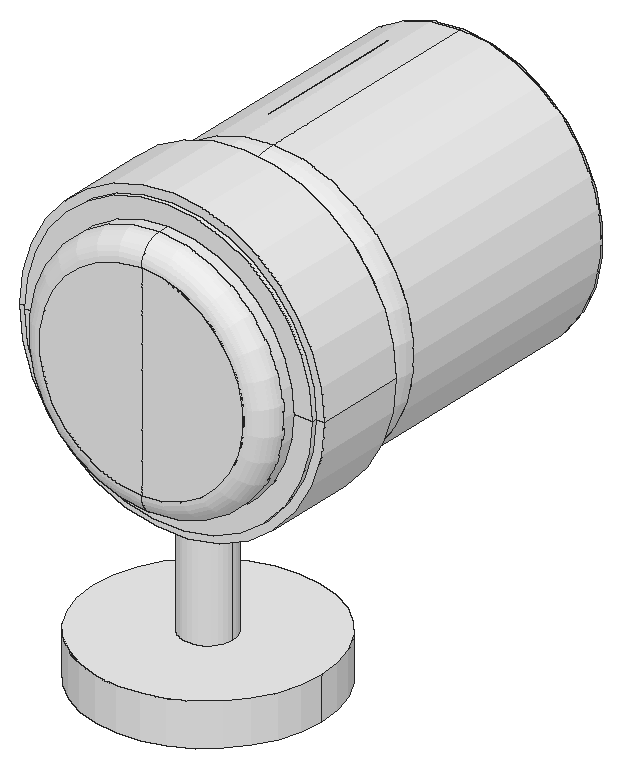
Revit family "Glass_Holder-Grohe-Essentials-40447001", category Specialty Equipment, host Face, Revit 2014
Parameters (values of type "40447001")
  Width = 2 1/8"  # constant formula
  URL = "https://www.grohe.us"
  Type Comments = ""
  Product Page URL = "https://www.grohe.us/en_us/essentials-crystal-glass-with-holder-40447001.html"
  Price = "Prices may vary. Please consult Manufacturer Representative for most up-to-date price list."  # constant formula
  Model = "40447001"
  Material = "Metal-Grohe-001-Chrome"
  Manufacturer = "Grohe"  # constant formula
  Length = 4 11/64"  # constant formula
  Installation Type = "Wall Mounted"  # constant formula
  Height = 3 115/128"  # constant formula
  Finish = Metal-Grohe-001-Chrome
  Description = "Essentials Crystal glass with holder"  # constant formula
  Default Elevation = 43"  # constant formula
  Creation Date = "08/07/2017"  # constant formula
  Assembly Code = "C1030200"
Types (2): name | Product Page URL | Model | Material | Finish
  40447001 | "https://www.grohe.us/en_us/essentials-crystal-glass-with-holder-40447001.html" | "40447001" | "Metal-Grohe-001-Chrome" | Metal-Grohe-001-Chrome
  40447EN1 | "https://www.grohe.us/en_us/essentials-crystal-glass-with-holder-40447EN1.html" | "40447EN1" | "Metal-Grohe-EN1-Brushed Nickel" | Metal-Grohe-EN1-Brushed Nickel
Reference planes (in)
  plane 1 "Center (Front/Back)": y = 0
  plane 2: z = 0
  plane 3 "Center (Left/Right)": x = 0
  plane 4: y = 1.14162
  plane 5: y = -0.55114
  plane 6: y = 0.55118
  plane 7: y = -0.55118
  plane 8: y = 0.70083
  plane 9: y = -0.70083
  plane 10: y = 3.45083
  plane 11: y = -0.7717
  plane 12: y = 2.96846
  plane 13: y = -8.70119
  plane 14: y = -9.4072
  plane 15: y = -9.0542
  plane 16: z = 17.28346
Forms (in)
  Revolve 1, solid, material "Metal-Grohe-001-Chrome" <- "Finish", not visible
    sketch origin (0, 0, 0) x (1, 0, 0) y (0, 0, 1)
      loop
        line (-0.23622, 0.3937) -> (0, 0.3937) -> (0, 1.5) -> (-0.23622, 1.5) -> (-0.23622, 0.3937)
      axis (0, 1.5) -> (0, 0.3937)
    angle from 0 to 360
  Revolve 2, solid, material "Metal-Grohe-001-Chrome" <- "Finish"
    sketch origin (0, 0, 2.79528) x (1, 0, 0) y (0, 1, 0)
      loop
        line (1.41732, -0.41339) -> (1.41732, 0.41535) -> (1.33858, 0.41535) -> (1.33858, 0.45276) -> (0, 0.45276) -> (0, -0.45276) -> (1.33858, -0.45276) -> (1.33858, -0.41339) -> (1.41732, -0.41339)
      axis (0, 0.45276) -> (0, -0.45276)
    angle from 0 to 360
  Revolve 3, solid, material "Metal-Grohe-001-Chrome" <- "Finish"
    sketch origin (0, 0, 0) x (1, 0, 0) y (0, 0, 1)
      loop
        line (-0.23622, 0.3937) -> (0, 0.3937) -> (0, 1.5) -> (-0.23622, 1.5) -> (-0.23622, 0.3937)
      axis (0, 1.5) -> (0, 0.3937)
    angle from 0 to 360
  Revolve 4, solid, material "Metal-Grohe-001-Chrome"
    sketch origin (0, 0, 0.02977) x (0, 1, 0) y (0, 0, 1)
      loop
        arc (2.9455, 1.45917) -> (2.96173, 1.46589) -> (2.96846, 1.48213) r 0.02296
        line (2.96846, 1.48213) -> (2.96846, 1.57959) -> (0.72778, 1.57959)
        arc (0.72778, 1.57959) -> (0.68299, 1.58431) -> (0.64016, 1.59824) r 0.21525
        line (0.64016, 1.59824) -> (0.32621, 1.73815) -> (-0.52326, 1.73815)
        arc (-0.52326, 1.73815) -> (-0.63062, 1.78262) -> (-0.67508, 1.88998) r 0.15182
        line (-0.67508, 1.88998) -> (-0.67508, 2.76551) -> (-0.7717, 2.76551) -> (-0.7717, 1.81736)
        arc (-0.7717, 1.81736) -> (-0.71003, 1.66848) -> (-0.56114, 1.60681) r 0.21056
        line (-0.56114, 1.60681) -> (0.32621, 1.60681) -> (0.56032, 1.50247)
        arc (0.56032, 1.50247) -> (0.65981, 1.47011) -> (0.76386, 1.45917) r 0.5
        line (0.76386, 1.45917) -> (2.9455, 1.45917)
      axis (2.96846, 2.76551) -> (-0.7717, 2.76551)
    angle from 0 to 360
  Extrusion 5, solid, material "Metal-Grohe-001-Chrome" <- "Finish"
    sketch origin (0, 0, 0) x (1, 0, 0) y (0, 1, 0)
      loop
        circle (0, 0) r 1.0625
    from 0 to 0.3937
Cuts and joins
  joined: Revolve 2, Revolve 3, Extrusion 5
Lines and regions (in)
  Masking region 1
    outline origin (0, 0, 0) x (1, 0, 0) y (0, 0, 1)
      loop
        arc (0.23622, 1.38787) -> (0, 4.22236) -> (-0.23622, 1.38787) r 1.42709
        line (-0.23622, 1.38787) -> (-0.23622, 0.3937) -> (-1.0625, 0.3937) -> (-1.0625, 0) -> (1.0625, 0) -> (1.0625, 0.3937) -> (0.23622, 0.3937) -> (0.23622, 1.38787)
  symbolic lines, detail levels medium+fine
    curve 1: circle (0, 0, 2.79528) r 1.33858 normal (0, -1, 0)
    curve 2: circle (0, 0, 2.79528) r 1.18591 normal (0, -1, 0)
    curve 3: line (0.23622, 0, 0.3937) -> (-0.23622, 0, 0.3937)
Dimensions and locks (in)
  plane 4 to plane 5 = 1.69276"
  equal spacing: plane 6, plane 1 "Center (Front/Back)", plane 7
  plane 6 to plane 7 = 1.10236"
  plane 16 to level = 17.28346"
  aligned and locked: plane 2 to host face
  aligned and locked: level to host face
Automatic sketch dimensions
  host sketch curve to host sketch curve = 96"  (x2)
  Revolve 1 sketch curve to plane 3 "Center (Left/Right)" = 0"  (x2)
  Revolve 1 sketch curve to plane 3 "Center (Left/Right)" = 0.23622"
  level to Revolve 1 sketch curve = 0.3937"
  Revolve 1 sketch curve to Revolve 1 sketch curve = 1.1063"
  Revolve 1 sketch curve to Revolve 1 sketch curve = 0.21342"
  Revolve 1 sketch curve to Revolve 1 sketch curve = 0"
  Revolve 2 sketch curve to plane 3 "Center (Left/Right)" = 0"  (x2)
  plane 6 to Revolve 2 sketch curve = 0.13583"
  plane 3 "Center (Left/Right)" to Revolve 2 sketch curve = 1.33858"
  Revolve 2 sketch curve to plane 5 = 0.09838"
  Revolve 2 sketch curve to Revolve 2 sketch curve = 0"
  Revolve 2 sketch curve to Revolve 2 sketch curve = 0.07874"
  Revolve 2 sketch curve to Revolve 2 sketch curve = 0.03937"
  Revolve 2 sketch curve to Revolve 2 sketch curve = 0.0374"
  Revolve 2 sketch curve to plane 4 = 0.0314"
  Revolve 2 sketch curve to Revolve 2 sketch curve = 1/2"
  level to Revolve 3 sketch curve = 1 1/2"
  Revolve 3 sketch curve to plane 3 "Center (Left/Right)" = 0.23622"
  Revolve 3 sketch curve to Revolve 3 sketch curve = 0.23622"
  level to Revolve 3 sketch curve = 0.3937"
  Revolve 3 sketch curve to Revolve 3 sketch curve = 0"  (x2)
  Revolve 3 sketch curve to Revolve 3 sketch curve = 0.21342"
  Revolve 4 sketch curve to plane 11 = 0"
  Revolve 4 sketch curve to plane 12 = 0"  (x2)
  Revolve 4 sketch curve to plane 9 = 0.02575"
  Revolve 4 sketch curve to plane 7 = 0.00996"
  Revolve 4 sketch curve to plane 5 = 0.02787"
  plane 6 to Revolve 4 sketch curve = 0.22497"
  Revolve 4 sketch curve to Revolve 4 sketch curve = 0"
  Revolve 4 sketch curve to plane 6 = 0.00914"
  Revolve 4 sketch curve to plane 8 = 0.06068"
  plane 8 to Revolve 4 sketch curve = 0.02694"
  plane 8 to Revolve 4 sketch curve = 0.06302"
  Revolve 4 sketch curve to Revolve 4 sketch curve = 0.02296"
  level to Revolve 4 sketch curve = 1.48894"
  Revolve 4 sketch curve to Revolve 4 sketch curve = 0.0433"
  Revolve 4 sketch curve to Revolve 4 sketch curve = 0.09747"
  Revolve 4 sketch curve to Revolve 4 sketch curve = 0.01864"
  Revolve 4 sketch curve to Revolve 4 sketch curve = 0.10433"
  Revolve 4 sketch curve to Revolve 4 sketch curve = 0.13135"
  Revolve 4 sketch curve to Revolve 4 sketch curve = 0.87553"
  Revolve 4 sketch curve to Revolve 4 sketch curve = 0.39415"
  Revolve 4 sketch curve to Revolve 4 sketch curve = 1.18591"
  plane 1 "Center (Front/Back)" to Extrusion 5 sketch curve = 0"
  Extrusion 5 sketch curve to plane 3 "Center (Left/Right)" = 0"
  Masking region 1 sketch curve to level = 0"
  Masking region 1 sketch curve to plane 3 "Center (Left/Right)" = 0"
  Masking region 1 sketch curve to Masking region 1 sketch curve = 1.4074"
  Masking region 1 sketch curve to plane 3 "Center (Left/Right)" = 0.23622"
  Masking region 1 sketch curve to Masking region 1 sketch curve = 0.82628"  (x2)
  plane 3 "Center (Left/Right)" to Masking region 1 sketch curve = 0.23622"
  level to Masking region 1 sketch curve = 0.3937"
  Masking region 1 sketch curve to Masking region 1 sketch curve = 0.3937"
  Masking region 1 sketch curve to Masking region 1 sketch curve = 0.99417"
  curve 1 to curve 2 = 0"  (x2)
  curve 2 to plane 3 "Center (Left/Right)" = 0"
  level to curve 2 = 2.79528"
  curve 3 to plane 3 "Center (Left/Right)" = 0.23622"
  plane 3 "Center (Left/Right)" to curve 3 = 0.23622"
  level to curve 3 = 0.3937"
  radius of Extrusion 5 sketch curve = 1 1/16"
  radius of curve 1 = 1.33858"
  radius of curve 2 = 1.18591"
